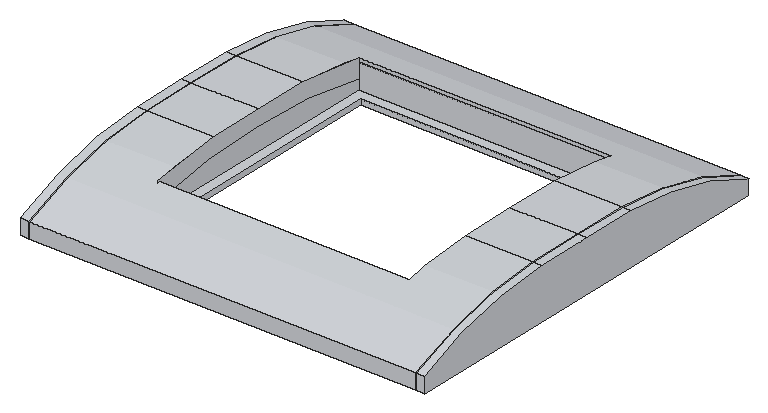
Revit family "Gira_0211328", category Electrical Fixtures, host Face, Revit 2017
Family settings
  Host = Face
  Maintain Annotation Orientation = No
  Round Connector Dimension = Use Diameter
  Part Type = Normal
  Cut with Voids When Loaded = No
  Shared = No
  Room Calculation Point = No
Parameters (values of type "Abdeckrahmen 1f Zwischenr. RW Gira Event Anthrazit")
  Werkstoffgüte = "Thermoplast"
  Werkstoff = "Kunststoff"
  URL = "http://katalog.gira.de/de_DE/datenblatt.html?artikelnr=0211328"
  Transparent = "No"
  Textfeld/Beschriftungsfläche = "No"
  Schutzart (IP) = "IP20"
  Region = "DE"
  Oberfläche = "sonstige"
  Name = "Abdeckrahmen 1f Zwischenr. RW Gira Event Anthrazit"
  Montagerichtung = "horizontal und vertikal"
  Mit Montagerahmen = "No"
  Mit Klappdeckel = "No"
  Manufacturer URL = "https://www.gira.de/"
  Keynote = "Event_Rahmen_1fach"
  HeinzeBIM = "https://bimportal.heinze.de/bim/abdeckrahmen-1f-zwischenr-rw-gira-event-anthrazit/10618a4adf2a14338daf1e436ffd3b1310e248fb"
  Halogenfrei = "Yes"
  HAN = "0211328"
  Geeignet für Unterputz-Installation = "Yes"
  Geeignet für Unterflurkanaldose = "No"
  Geeignet für Geräteeinbaukanal = "No"
  Geeignet für Einbauinstallation = "No"
  GTIN = "4010337074229"
  Farbe = "anthrazit"
  Default Elevation = 1219.2 mm
  Data sheet (1) = "https://katalog.gira.de/de_DE/download.html?artikelnr=0211328"
  Category = "Abdeckrahmen"
  Befestigungsart = "Klemmbefestigung"
  Available = "Yes"
  Anzahl der Einheiten vertikal = "1 "
  Anzahl der Einheiten horizontal = "1 "
  Anzahl der Einheiten = "1 "
Reference planes
  plane 1 "Center (Front/Back)": y = 0
  plane 2: z = 0
  plane 3 "Center (Left/Right)": x = 0
Forms (mm)
  Extrusion 1, solid, detail levels fine
    sketch origin (0, 0, 1.55) x (0, 1, 0) y (0, 0, 1)
      loop
        arc (12.445, 9.683) -> (6.223, 9.833) -> (0, 9.85) r 291.636
        arc (0, 9.85) -> (-6.223, 9.833) -> (-12.445, 9.683) r 291.636
        arc (-12.445, 9.683) -> (-29.14, 7.482) -> (-45, 1.823) r 79.728
        line (-45, 1.823) -> (-45, -1.55) -> (-41.777, -1.55) -> (-41.777, -0.55)
        arc (-41.777, -0.55) -> (-21.205, 4.846) -> (0, 6.467) r 118.15
        arc (0, 6.467) -> (21.205, 4.846) -> (41.777, -0.55) r 118.15
        line (41.777, -0.55) -> (41.777, -1.55) -> (45, -1.55) -> (45, 1.823)
        arc (45, 1.823) -> (29.14, 7.482) -> (12.445, 9.683) r 79.728
    from -43 to 43
  Extrusion 2, void, detail levels fine
    sketch origin (0, 0, 0) x (1, 0, 0) y (0, 1, 0)
      loop
        line (-28, -28) -> (28, -28) -> (28, 28) -> (-28, 28) -> (-28, -28)
    from 2.85 to 12
  Extrusion 3, solid, detail levels coarse
    sketch origin (0, 0, 0) x (1, 0, 0) y (0, 1, 0)
      loop
        line (-45, 45) -> (-45, -45) -> (45, -45) -> (45, 45) -> (-45, 45)
    from 0 to 11.4
  Extrusion 4, solid, detail levels medium
    sketch origin (0, 0, 1.55) x (0, 1, 0) y (0, 0, 1)
      loop
        arc (12.445, 9.683) -> (6.223, 9.833) -> (0, 9.85) r 291.636
        arc (0, 9.85) -> (-6.223, 9.833) -> (-12.445, 9.683) r 291.636
        arc (-12.445, 9.683) -> (-29.14, 7.482) -> (-45, 1.823) r 79.728
        line (-45, 1.823) -> (-45, -1.55) -> (45, -1.55) -> (45, 1.823)
        arc (45, 1.823) -> (29.14, 7.482) -> (12.445, 9.683) r 79.728
    from -45 to 45
  Extrusion 5, solid, detail levels fine
    sketch origin (0, 0, 0) x (0, 1, 0) y (0, 0, 1)
      loop
        arc (45, 3.373) -> (29.14, 9.032) -> (12.445, 11.233) r 79.728
        arc (12.445, 11.233) -> (6.223, 11.383) -> (0, 11.4) r 291.636
        arc (0, 11.4) -> (-6.223, 11.383) -> (-12.445, 11.233) r 291.636
        arc (-12.445, 11.233) -> (-29.14, 9.032) -> (-45, 3.373) r 79.728
        line (-45, 3.373) -> (-45, 0) -> (45, 0) -> (45, 3.373)
    from 43 to 45
  Extrusion 6, solid, detail levels fine
    sketch origin (0, 0, 0) x (0, 1, 0) y (0, 0, -1)
      loop
        line (45, -3.373) -> (45, 0) -> (-45, 0) -> (-45, -3.373)
        arc (-45, -3.373) -> (-29.14, -9.032) -> (-12.445, -11.233) r 79.728
        arc (-12.445, -11.233) -> (-6.223, -11.383) -> (0, -11.4) r 291.636
        arc (0, -11.4) -> (6.223, -11.383) -> (12.445, -11.233) r 291.636
        arc (12.445, -11.233) -> (29.14, -9.032) -> (45, -3.373) r 79.728
    from 43 to 45
  Extrusion 7, solid, detail levels fine
    sketch origin (0, 0, 0) x (1, 0, 0) y (0, 1, 0)
      loop
        line (-25.7, 25.7) -> (-25.7, -25.7) -> (25.7, -25.7) -> (25.7, 25.7) -> (-25.7, 25.7)
      loop
        line (-29.495, 27.895) -> (-29.495, -27.895)
        spline (-29.495, -27.895) -> (-29.486, -28.025) -> (-29.461, -28.154) -> (-29.419, -28.278) -> (-29.361, -28.395) -> (-29.288, -28.504) -> (-29.202, -28.602) -> (-29.104, -28.688) -> (-28.995, -28.761) -> (-28.878, -28.819) -> (-28.754, -28.861) -> (-28.625, -28.886) -> (-28.495, -28.895)
        line (-28.495, -28.895) -> (28.495, -28.895)
        spline (28.495, -28.895) -> (28.625, -28.886) -> (28.754, -28.861) -> (28.878, -28.819) -> (28.995, -28.761) -> (29.104, -28.688) -> (29.202, -28.602) -> (29.288, -28.504) -> (29.361, -28.395) -> (29.419, -28.278) -> (29.461, -28.154) -> (29.486, -28.025) -> (29.495, -27.895)
        line (29.495, -27.895) -> (29.495, 27.895)
        spline (29.495, 27.895) -> (29.486, 28.025) -> (29.461, 28.154) -> (29.419, 28.278) -> (29.361, 28.395) -> (29.288, 28.504) -> (29.202, 28.602) -> (29.104, 28.688) -> (28.995, 28.761) -> (28.878, 28.819) -> (28.754, 28.861) -> (28.625, 28.886) -> (28.495, 28.895)
        line (28.495, 28.895) -> (-28.495, 28.895)
        spline (-28.495, 28.895) -> (-28.625, 28.886) -> (-28.754, 28.861) -> (-28.878, 28.819) -> (-28.995, 28.761) -> (-29.104, 28.688) -> (-29.202, 28.602) -> (-29.288, 28.504) -> (-29.361, 28.395) -> (-29.419, 28.278) -> (-29.461, 28.154) -> (-29.486, 28.025) -> (-29.495, 27.895)
    from 1.673 to 8.5
Cuts and joins
  Extrusion 2 cuts Extrusion 1
  Extrusion 2 cuts Extrusion 7
Dimensions and locks
  aligned and locked: plane 2 to host face
  aligned and locked: level to host face
